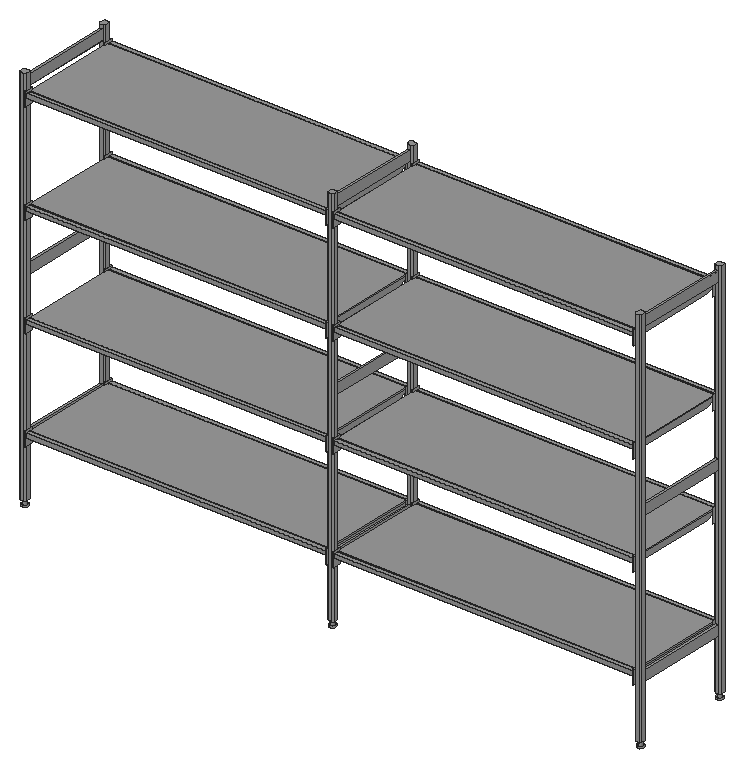
Revit family "QF_ELECTROLUXPROFESSIONAL_137048_BLS2760", category Attrezzature speciali, Revit 2020
Family settings
  Quota connettore circolare = Usa diametro
  Tipo di parte = Normale
  Basato su piano di lavoro = No
  Sempre verticale = Sì
  Taglio con vuoti quando caricato = No
  Condiviso = No
  Punto di calcolo locali = No
Parameters (values of type "Standard")
  Weight = 44.00 kg
  Watts = 0 W
  Volts = 0 V
  URL Manufacturer = "https://www.electroluxprofessional.com/"
  URL = "https://www.electroluxprofessional.com/"
  Steam Supply Size = 0 mm
  Steam Supply Minimum Pressure = 0.0 Pa
  Steam Supply Maximum Pressure = 0.0 Pa
  Steam Consumption per Hour = 0
  Refrigeration Suction Line Size = 0.0 mm
  Refrigeration Liquid Line Size = 0.0 mm
  Refrigerant Compressor Remote = yes
  Prospetto di default = 0.0 mm
  Phase = 0
  Modello = "BLS2760"
  Produttore = "Electrolux Professional"
  Length Actual = 2760.0 mm  # constant formula
  Item Number = "137048"
  Hot Water Size = 0 mm
  Height Actual = 1700.0 mm  # constant formula
  HP = "0 HP"
  Gas Size = 0 mm
  Gas KW = 0
  Gas Input Pressure = 0 W
  Direct Waste Size = 0 mm
  Descrizione = "ALUM.LINEAR SHELV.-POLY.TIERS-475X2760MM"
  Depth Actual = 475.0 mm  # constant formula
  Cycle = 0 Hz
  Condensate Return Size = 0 mm
  Compressed Air Volume = 0.0 L/s
  Compressed Air Size = 0 mm
  Compressed Air Pressure = 0.0 Pa
  Cold Water Size = 0 mm
  Accessory = yes
Reference planes
  plane 1: z = 0
  plane 2 "CenterLeft": x = -31
  plane 3 "LEFT": x = -417
  plane 4 "BACK": y = 23
  plane 5 "FRONT": y = -452
  plane 6 "TOP": z = 1700
  plane 7: x = -385
  plane 8: x = 945
  plane 9 "Center (Front/Back)": y = -214.5
  plane 10: y = -8.5
  plane 11: y = -420.5
  plane 12 "FEET": z = 25
  plane 13: z = 275
  plane 14: z = 725
  plane 15: z = 1175
  plane 16: z = 1625
  plane 17 "CXLeft": x = -403
  plane 18 "Center (Left/Right)": x = 963
  plane 19: y = 5.5
  plane 20 "CYBack": y = 5.5
  plane 21 "CYFront": y = -434.5
  plane 22 "RIGHT": x = 2343
  plane 23: x = 2311
  plane 24 "CXRight": x = 2329
  plane 25: x = 981
Forms (mm)
  Extrusion 1, solid, material "QF_Aluminum"
    sketch origin (-417, 0, -4.006) x (0, 1, 0) y (0, 0, 1)
      loop
        line (-12, 1637.003) -> (4, 1637.003) -> (4, 1655) -> (2.007, 1655) -> (2.007, 1648.501) -> (-431, 1648.501) -> (-431, 1655) -> (-433, 1655) -> (-433, 1637.003) -> (-417, 1637.003) -> (-383, 1625) -> (-46, 1625) -> (-12, 1637.003)
      loop
        line (-12, 1187.003) -> (4, 1187.003) -> (4, 1205) -> (2.007, 1205) -> (2.007, 1198.501) -> (-431, 1198.501) -> (-431, 1205) -> (-433, 1205) -> (-433, 1187.003) -> (-417, 1187.003) -> (-383, 1175) -> (-46, 1175) -> (-12, 1187.003)
      loop
        line (-12, 737.003) -> (4, 737.003) -> (4, 755) -> (2.007, 755) -> (2.007, 748.501) -> (-431, 748.501) -> (-431, 755) -> (-433, 755) -> (-433, 737.003) -> (-417, 737.003) -> (-383, 725) -> (-46, 725) -> (-12, 737.003)
      loop
        line (-12, 287.003) -> (4, 287.003) -> (4, 305) -> (2.007, 305) -> (2.007, 298.501) -> (-431, 298.501) -> (-431, 305) -> (-433, 305) -> (-433, 287.003) -> (-417, 287.003) -> (-383, 275) -> (-46, 275) -> (-12, 287.003)
    from 37 to 32
  Extrusion 2, solid, material "QF_Aluminum"
    sketch origin (-417, 0, 0) x (0, 1, 0) y (0, 0, 1)
      loop
        line (23, 246.005) -> (23, 307.993) -> (-12.993, 307.993) -> (-12.993, 246.005) -> (23, 246.005)
      loop
        line (-452, 246.005) -> (-416.007, 246.005) -> (-416.007, 307.993) -> (-452, 307.993) -> (-452, 246.005)
      loop
        line (23, 696.005) -> (23, 757.993) -> (-12.993, 757.993) -> (-12.993, 696.005) -> (23, 696.005)
      loop
        line (-452, 696.005) -> (-416.007, 696.005) -> (-416.007, 757.993) -> (-452, 757.993) -> (-452, 696.005)
      loop
        line (23, 1146.005) -> (23, 1207.993) -> (-12.993, 1207.993) -> (-12.993, 1146.005) -> (23, 1146.005)
      loop
        line (-452, 1146.005) -> (-416.007, 1146.005) -> (-416.007, 1207.993) -> (-452, 1207.993) -> (-452, 1146.005)
      loop
        line (23, 1596.005) -> (23, 1657.993) -> (-12.993, 1657.993) -> (-12.993, 1596.005) -> (23, 1596.005)
      loop
        line (-452, 1596.005) -> (-416.007, 1596.005) -> (-416.007, 1657.993) -> (-452, 1657.993) -> (-452, 1596.005)
    from 28 to 32
  Extrusion 3, solid, material "QF_Aluminum"
    sketch origin (-417, 0, 0) x (0, 1, 0) y (0, 0, 1)
      loop
        line (4, 1650.994) -> (4, 1632.998) -> (23, 1632.998) -> (23, 1650.994) -> (4, 1650.994)
      loop
        line (-433, 1650.994) -> (-452, 1650.994) -> (-452, 1632.998) -> (-433, 1632.998) -> (-433, 1650.994)
      loop
        line (4, 1200.994) -> (4, 1182.998) -> (23, 1182.998) -> (23, 1200.994) -> (4, 1200.994)
      loop
        line (-433, 1200.994) -> (-452, 1200.994) -> (-452, 1182.998) -> (-433, 1182.998) -> (-433, 1200.994)
      loop
        line (4, 750.994) -> (4, 732.998) -> (23, 732.998) -> (23, 750.994) -> (4, 750.994)
      loop
        line (-433, 750.994) -> (-452, 750.994) -> (-452, 732.998) -> (-433, 732.998) -> (-433, 750.994)
      loop
        line (4, 300.994) -> (4, 282.998) -> (23, 282.998) -> (23, 300.994) -> (4, 300.994)
      loop
        line (-433, 300.994) -> (-452, 300.994) -> (-452, 282.998) -> (-433, 282.998) -> (-433, 300.994)
    from 32 to 1362
  Extrusion 4, solid, material "QF_Polyethylene"
    sketch origin (-417, 0, 0) x (0, 1, 0) y (0, 0, 1)
      loop
        line (2.007, 1650.994) -> (-431, 1650.994) -> (-431, 1644.496) -> (2.007, 1644.496) -> (2.007, 1650.994)
      loop
        line (2.007, 1200.994) -> (-431, 1200.994) -> (-431, 1194.496) -> (2.007, 1194.496) -> (2.007, 1200.994)
      loop
        line (2.007, 750.994) -> (-431, 750.994) -> (-431, 744.496) -> (2.007, 744.496) -> (2.007, 750.994)
      loop
        line (2.007, 300.994) -> (-431, 300.994) -> (-431, 294.496) -> (2.007, 294.496) -> (2.007, 300.994)
    from 32 to 1362
  Extrusion 5, solid, material "QF_Aluminum"
    sketch origin (2343, 0, 0) x (0, 1, 0) y (0, 0, 1)
      loop
        line (4, 1650.994) -> (4, 1632.998) -> (23, 1632.998) -> (23, 1650.994) -> (4, 1650.994)
      loop
        line (-433, 1650.994) -> (-452, 1650.994) -> (-452, 1632.998) -> (-433, 1632.998) -> (-433, 1650.994)
      loop
        line (4, 1200.994) -> (4, 1182.998) -> (23, 1182.998) -> (23, 1200.994) -> (4, 1200.994)
      loop
        line (-433, 1200.994) -> (-452, 1200.994) -> (-452, 1182.998) -> (-433, 1182.998) -> (-433, 1200.994)
      loop
        line (4, 750.994) -> (4, 732.998) -> (23, 732.998) -> (23, 750.994) -> (4, 750.994)
      loop
        line (-433, 750.994) -> (-452, 750.994) -> (-452, 732.998) -> (-433, 732.998) -> (-433, 750.994)
      loop
        line (4, 300.994) -> (4, 282.998) -> (23, 282.998) -> (23, 300.994) -> (4, 300.994)
      loop
        line (-433, 300.994) -> (-452, 300.994) -> (-452, 282.998) -> (-433, 282.998) -> (-433, 300.994)
    from -32 to -1362
  Extrusion 6, solid, material "QF_Polyethylene"
    sketch origin (2343, 0, 0) x (0, 1, 0) y (0, 0, 1)
      loop
        line (2.007, 1650.994) -> (-431, 1650.994) -> (-431, 1644.496) -> (2.007, 1644.496) -> (2.007, 1650.994)
      loop
        line (2.007, 1200.994) -> (-431, 1200.994) -> (-431, 1194.496) -> (2.007, 1194.496) -> (2.007, 1200.994)
      loop
        line (2.007, 750.994) -> (-431, 750.994) -> (-431, 744.496) -> (2.007, 744.496) -> (2.007, 750.994)
      loop
        line (2.007, 300.994) -> (-431, 300.994) -> (-431, 294.496) -> (2.007, 294.496) -> (2.007, 300.994)
    from -32 to -1362
Lines and regions (mm)
  symbolic lines
    curve 1: line (945, 4, 1700) -> (-385, 4, 1700)
    curve 2: line (-408, -8.5, 1700) -> (-408, -420.5, 1700)
    curve 3: line (-398, -420.5, 1700) -> (-398, -8.5, 1700)
    curve 4: line (-389, 23, 1700) -> (949, 23, 1700)
    curve 5: line (-385, -452, 1700) -> (945, -452, 1700)
    curve 6: line (977, 23, 1700) -> (2315, 23, 1700)
    curve 7: line (977, -452, 1700) -> (2315, -452, 1700)
    curve 8: line (-385, -433, 1700) -> (945, -433, 1700)
    curve 9: line (981, -433, 1700) -> (2311, -433, 1700)
    curve 10: line (981, 4, 1700) -> (2311, 4, 1700)
    curve 11: line (2311, -12.993, 1700) -> (2311, -416.007, 1700)
    curve 12: line (945, -12.993, 1700) -> (945, -416.007, 1700)
    curve 13: line (981, -416.007, 1700) -> (981, -12.993, 1700)
    curve 14: line (-385, -12.993, 1700) -> (-385, -416.007, 1700)
Dimensions and locks
  plane 3 "LEFT" to plane 2 "CenterLeft" = 386.0 mm
  locked: plane 6 "TOP" to level at 1700
  locked: plane 4 "BACK" to plane 5 "FRONT" at 475
  locked: plane 7 to plane 8 at 1330
  locked: plane 10 to plane 11 at 412
  equal spacing: plane 10, plane 9 "Center (Front/Back)", plane 11
  equal spacing: plane 4 "BACK", plane 9 "Center (Front/Back)", plane 5 "FRONT"
  plane 12 "FEET" to level = 25.0 mm
  plane 6 "TOP" to plane 12 "FEET" = 1675.0 mm
  plane 13 to plane 12 "FEET" = 250.0 mm
  plane 14 to plane 13 = 450.0 mm
  plane 15 to plane 14 = 450.0 mm
  plane 16 to plane 15 = 450.0 mm
  locked: plane 4 "BACK" to plane 20 "CYBack" at 17.5
  locked: plane 21 "CYFront" to plane 5 "FRONT" at 17.5
  locked: plane 4 "BACK" to Extrusion 1 at 19
  locked: Extrusion 1 to plane 5 "FRONT" at 19
  Extrusion 1 sketch curve to plane 21 "CYFront" = 3.5 mm
  plane 3 "LEFT" to plane 22 "RIGHT" = 2760.0 mm
  locked: plane 25 to plane 23 at 1330
  locked: plane 8 to plane 18 "Center (Left/Right)" at 18
  locked: plane 18 "Center (Left/Right)" to plane 25 at 18
  locked: plane 3 "LEFT" to plane 7 at 32
  locked: plane 24 "CXRight" to plane 22 "RIGHT" at 14
  aligned and locked: level to plane 1
  aligned and locked: plane 7 to Extrusion 1
  aligned and locked: Extrusion 2 to plane 7
  aligned and locked: plane 7 to Extrusion 4
  aligned and locked: Extrusion 4 to plane 8
  aligned and locked: plane 7 to Extrusion 3
  aligned and locked: Extrusion 3 to plane 8
  aligned and locked: Extrusion 3 sketch curve to Extrusion 1
  aligned and locked: Extrusion 1 to Extrusion 3 sketch curve
  aligned and locked: Extrusion 3 sketch curve to Extrusion 3 sketch curve  (x2)
  aligned and locked: Extrusion 1 sketch curve to Extrusion 1 sketch curve  (x3)
  aligned and locked: Extrusion 4 sketch curve to Extrusion 1  (x4)
  aligned and locked: Extrusion 5 sketch curve to Extrusion 5 sketch curve  (x2)
  aligned and locked: Extrusion 5 to plane 25
  aligned and locked: Extrusion 6 to plane 25
  aligned and locked: nested 3 to plane 18 "Center (Left/Right)"
  aligned and locked: nested 1 to plane 17 "CXLeft"
  aligned and locked: Extrusion 3 to plane 7  (x3)
  aligned and locked: plane 8 to Extrusion 3  (x4)
  aligned and locked: plane 25 to Extrusion 5  (x4)
  aligned and locked: plane 25 to Extrusion 6  (x4)
  aligned and locked: plane 8 to Extrusion 4  (x4)
  aligned and locked: nested 2 to plane 24 "CXRight"
  aligned and locked: Extrusion 5 to plane 23
  aligned and locked: Extrusion 6 to plane 23
  aligned and locked: plane 23 to Extrusion 5  (x3)
  aligned and locked: plane 23 to Extrusion 6  (x3)
Automatic sketch dimensions
  plane 21 "CYFront" to Extrusion 1 sketch curve = 1.5 mm  (x4)
  plane 11 to Extrusion 1 sketch curve = 3.5 mm  (x4)
  Extrusion 1 sketch curve to plane 13 = 4.006 mm
  Extrusion 1 sketch curve to Extrusion 1 sketch curve = 34.0 mm  (x4)
  Extrusion 1 sketch curve to plane 14 = 4.006 mm
  Extrusion 1 sketch curve to plane 15 = 4.006 mm
  Extrusion 1 sketch curve to plane 16 = 4.006 mm
  Extrusion 1 sketch curve to plane 10 = 37.5 mm  (x4)
  Extrusion 1 sketch curve to plane 10 = 3.5 mm  (x4)
  plane 19 to Extrusion 1 sketch curve = 3.493 mm  (x4)
  plane 19 to Extrusion 1 sketch curve = 1.5 mm  (x4)
  plane 13 to Extrusion 1 sketch curve = 7.998 mm  (x2)
  Extrusion 1 sketch curve to Extrusion 1 sketch curve = 11.498 mm  (x4)
  Extrusion 1 sketch curve to Extrusion 1 sketch curve = 6.499 mm  (x8)
  plane 14 to Extrusion 1 sketch curve = 7.998 mm  (x2)
  plane 15 to Extrusion 1 sketch curve = 7.998 mm  (x2)
  plane 16 to Extrusion 1 sketch curve = 7.998 mm  (x2)
  Extrusion 2 sketch curve to plane 5 "FRONT" = 0.0 mm  (x4)
  Extrusion 2 sketch curve to plane 4 "BACK" = 0.0 mm  (x4)
  plane 11 to Extrusion 2 sketch curve = 4.493 mm  (x4)
  Extrusion 2 sketch curve to plane 10 = 4.493 mm  (x4)
  Extrusion 2 sketch curve to plane 13 = 28.995 mm  (x2)
  plane 13 to Extrusion 2 sketch curve = 32.993 mm  (x2)
  Extrusion 2 sketch curve to plane 14 = 28.995 mm  (x2)
  plane 14 to Extrusion 2 sketch curve = 32.993 mm  (x2)
  Extrusion 2 sketch curve to plane 15 = 28.995 mm  (x2)
  plane 15 to Extrusion 2 sketch curve = 32.993 mm  (x2)
  Extrusion 2 sketch curve to plane 16 = 28.995 mm  (x2)
  plane 16 to Extrusion 2 sketch curve = 32.993 mm  (x2)
  Extrusion 3 sketch curve to plane 5 "FRONT" = 0.0 mm  (x4)
  Extrusion 3 sketch curve to plane 4 "BACK" = 0.0 mm  (x4)
  plane 19 to Extrusion 3 sketch curve = 1.5 mm  (x4)
  plane 13 to Extrusion 3 sketch curve = 7.998 mm  (x2)
  Extrusion 3 sketch curve to Extrusion 3 sketch curve = 17.997 mm  (x8)
  plane 14 to Extrusion 3 sketch curve = 7.998 mm  (x2)
  plane 15 to Extrusion 3 sketch curve = 7.998 mm  (x2)
  plane 16 to Extrusion 3 sketch curve = 7.998 mm  (x2)
  plane 19 to Extrusion 4 sketch curve = 3.493 mm  (x4)
  plane 13 to Extrusion 4 sketch curve = 19.496 mm
  Extrusion 4 sketch curve to Extrusion 4 sketch curve = 6.499 mm  (x4)
  plane 14 to Extrusion 4 sketch curve = 19.496 mm
  plane 15 to Extrusion 4 sketch curve = 19.496 mm
  plane 16 to Extrusion 4 sketch curve = 19.496 mm
  Extrusion 5 sketch curve to plane 5 "FRONT" = 0.0 mm  (x4)
  Extrusion 5 sketch curve to plane 4 "BACK" = 0.0 mm  (x4)
  plane 21 "CYFront" to Extrusion 5 sketch curve = 1.5 mm  (x2)
  plane 19 to Extrusion 5 sketch curve = 1.5 mm  (x4)
  plane 13 to Extrusion 5 sketch curve = 7.998 mm  (x2)
  Extrusion 5 sketch curve to Extrusion 5 sketch curve = 17.997 mm  (x8)
  plane 14 to Extrusion 5 sketch curve = 7.998 mm  (x2)
  plane 15 to Extrusion 5 sketch curve = 7.998 mm  (x2)
  plane 16 to Extrusion 5 sketch curve = 7.998 mm  (x2)
  plane 21 "CYFront" to Extrusion 6 sketch curve = 3.5 mm  (x4)
  plane 19 to Extrusion 6 sketch curve = 3.493 mm  (x4)
  plane 13 to Extrusion 6 sketch curve = 19.496 mm
  Extrusion 6 sketch curve to Extrusion 6 sketch curve = 6.499 mm  (x4)
  plane 14 to Extrusion 6 sketch curve = 19.496 mm
  plane 15 to Extrusion 6 sketch curve = 19.496 mm
  plane 16 to Extrusion 6 sketch curve = 19.496 mm
  curve 7 to plane 5 "FRONT" = 0.0 mm
  curve 5 to plane 5 "FRONT" = 0.0 mm
  curve 8 to plane 8 = 0.0 mm
  curve 9 to plane 25 = 0.0 mm
  curve 9 to plane 23 = 0.0 mm
  curve 8 to plane 7 = 0.0 mm
  curve 2 to plane 11 = 0.0 mm
  curve 3 to plane 11 = 0.0 mm
  curve 14 to plane 7 = 0.0 mm
  curve 13 to plane 25 = 0.0 mm
  curve 12 to plane 8 = 0.0 mm
  curve 11 to plane 23 = 0.0 mm
  curve 3 to plane 10 = 0.0 mm
  curve 2 to plane 10 = 0.0 mm
  curve 1 to plane 8 = 0.0 mm
  curve 1 to plane 7 = 0.0 mm
  curve 10 to plane 23 = 0.0 mm
  curve 10 to plane 25 = 0.0 mm
  curve 4 to plane 4 "BACK" = 0.0 mm
  curve 6 to plane 4 "BACK" = 0.0 mm
  curve 5 to plane 8 = 0.0 mm
  curve 5 to plane 7 = 0.0 mm
  plane 21 "CYFront" to curve 8 = 1.5 mm
  plane 21 "CYFront" to curve 9 = 1.5 mm
  plane 11 to curve 14 = 4.493 mm
  plane 11 to curve 13 = 4.493 mm
  plane 11 to curve 12 = 4.493 mm
  plane 11 to curve 11 = 4.493 mm
  curve 14 to plane 10 = 4.493 mm
  curve 13 to plane 10 = 4.493 mm
  curve 12 to plane 10 = 4.493 mm
  curve 11 to plane 10 = 4.493 mm
  plane 19 to curve 1 = 1.5 mm
  plane 19 to curve 10 = 1.5 mm
  curve 6 to plane 23 = 4.0 mm
  curve 7 to plane 23 = 4.0 mm
  curve 6 to plane 25 = 4.0 mm
  curve 7 to plane 25 = 4.0 mm
  curve 4 to plane 8 = 4.0 mm
  plane 7 to curve 4 = 4.0 mm
  plane 17 "CXLeft" to curve 3 = 5.0 mm
  curve 2 to plane 17 "CXLeft" = 5.0 mm
Nested families
  nested 1: "WT_Anta475" at (0, 0, 0), type "WT_Anta475"
  nested 2: "WT_Anta475" at (1926, 0, 0) x (-1, 0, 0) z (0, 0, 1), type "WT_Anta475"
  nested 3: "WT_Anta475Center" at (1366, 0, 0), type "WT_Anta475Center"
Definition of nested family "WT_Anta475"
  Parameters
    WidthLeft = A + 64.0 mm  # 772.0 mm
    Width = 1606.0 mm
    Right = WidthLeft / 2  # 386.0 mm
    Default Elevation = 0.0 mm
    Left = -WidthLeft / 2  # -386.0 mm
    Height = 1725.0 mm
    FEET = 25.0 mm
    E = 0.0 mm
    Dint = Depth - 63.0 mm  # 412.0 mm
    Dext = Depth - 8.0 mm  # 467.0 mm
    Depth = 475.0 mm
    DX = (WidthLeft - A) / 2  # 32.0 mm
    B = 798.0 mm
    A = 708.0 mm
  Reference planes
    plane 1: z = 0
    plane 2 "LEFT": x = -417
    plane 3 "BACK": y = 23
    plane 4 "FRONT": y = -452
    plane 5 "TOP": z = 1725
    plane 6 "Center (Front/Back)": y = -214.5
    plane 7: y = -8.5
    plane 8: y = -420.5
    plane 9 "FEET": z = 25
    plane 10: z = 275
    plane 11: z = 725
    plane 12: z = 1175
    plane 13: z = 1625
    plane 14 "CXLeft": x = -403
    plane 15: y = 5.5
    plane 16 "CYBack": y = 5.5
    plane 17 "CYFront": y = -434.5
    plane 18: x = -385.031
    plane 19: x = -380.031
  Forms (mm)
    Extrusion 1, solid
      sketch origin (0, 0, 0) x (1, 0, 0) y (0, 1, 0)
        loop
          line (-417, 13.246) -> (-417, -2.246) -> (-410.746, -8.5) -> (-395.254, -8.5) -> (-389, -2.246) -> (-389, 13.246) -> (-395.254, 19.5) -> (-410.746, 19.5) -> (-417, 13.246)
      from 1725 to 25
    Extrusion 2, solid
      sketch origin (-417, 0, 0) x (0, 1, 0) y (0, 0, 1)
        loop
          line (23, 246.005) -> (23, 307.993) -> (-12.993, 307.993) -> (-12.993, 246.005) -> (23, 246.005)
        loop
          line (-452, 246.005) -> (-416.007, 246.005) -> (-416.007, 307.993) -> (-452, 307.993) -> (-452, 246.005)
        loop
          line (23, 696.005) -> (23, 757.993) -> (-12.993, 757.993) -> (-12.993, 696.005) -> (23, 696.005)
        loop
          line (-452, 696.005) -> (-416.007, 696.005) -> (-416.007, 757.993) -> (-452, 757.993) -> (-452, 696.005)
        loop
          line (23, 1146.005) -> (23, 1207.993) -> (-12.993, 1207.993) -> (-12.993, 1146.005) -> (23, 1146.005)
        loop
          line (-452, 1146.005) -> (-416.007, 1146.005) -> (-416.007, 1207.993) -> (-452, 1207.993) -> (-452, 1146.005)
        loop
          line (23, 1596.005) -> (23, 1657.993) -> (-12.993, 1657.993) -> (-12.993, 1596.005) -> (23, 1596.005)
        loop
          line (-452, 1596.005) -> (-416.007, 1596.005) -> (-416.007, 1657.993) -> (-452, 1657.993) -> (-452, 1596.005)
      from 28 to 32
    Revolve 3, solid
      sketch origin (-403, 0, 0) x (0, 1, 0) y (0, 0, 1)
        loop
          line (5.5, 25) -> (5.5, 0) -> (19, 0) -> (19, 5) -> (14, 5) -> (14, 25) -> (5.5, 25)
        axis (5.5, 25) -> (5.5, 0)
      angle from 0 to 360
    Extrusion 4, solid
      sketch origin (-403, 0, 0) x (0, 1, 0) y (0, 0, 1)
        loop
          line (-8.5, 912.382) -> (-8.5, 957.374) -> (-420.5, 957.374) -> (-420.5, 912.382) -> (-8.5, 912.382)
        loop
          line (-8.5, 1662.244) -> (-8.5, 1707.236) -> (-420.5, 1707.236) -> (-420.5, 1662.244) -> (-8.5, 1662.244)
      from -5 to 5
    Revolve 5, solid
      sketch origin (-403, -627, 0) x (0, -1, 0) y (0, 0, 1)
        loop
          line (-192.5, 25) -> (-192.5, 0) -> (-179, 0) -> (-179, 5) -> (-184, 5) -> (-184, 25) -> (-192.5, 25)
        axis (-192.5, 25) -> (-192.5, 0)
      angle from 0 to 360
    Extrusion 6, solid
      sketch origin (0, -627, 0) x (1, 0, 0) y (0, 1, 0)
        loop
          line (-417, 184.754) -> (-410.746, 178.5) -> (-395.254, 178.5) -> (-389, 184.754) -> (-389, 200.246) -> (-395.254, 206.5) -> (-410.746, 206.5) -> (-417, 200.246) -> (-417, 184.754)
      from 1725 to 25
    Extrusion 7, solid
      sketch origin (-417.031, -0.022, 0) x (0, 1, 0) y (0, 0, -1)
        loop
          line (-12, -1632.998) -> (-46, -1620.994) -> (-383, -1620.994) -> (-417, -1632.998) -> (-433, -1632.998) -> (-433, -1650.994) -> (-431, -1650.994) -> (-431, -1644.496) -> (2.007, -1644.496) -> (2.007, -1650.994) -> (4, -1650.994) -> (4, -1632.998) -> (-12, -1632.998)
        loop
          line (-12, -1182.998) -> (-46, -1170.994) -> (-383, -1170.994) -> (-417, -1182.998) -> (-433, -1182.998) -> (-433, -1200.994) -> (-431, -1200.994) -> (-431, -1194.496) -> (2.007, -1194.496) -> (2.007, -1200.994) -> (4, -1200.994) -> (4, -1182.998) -> (-12, -1182.998)
        loop
          line (-12, -732.998) -> (-46, -720.994) -> (-383, -720.994) -> (-417, -732.998) -> (-433, -732.998) -> (-433, -750.994) -> (-431, -750.994) -> (-431, -744.496) -> (2.007, -744.496) -> (2.007, -750.994) -> (4, -750.994) -> (4, -732.998) -> (-12, -732.998)
        loop
          line (-12, -282.998) -> (-46, -270.994) -> (-383, -270.994) -> (-417, -282.998) -> (-433, -282.998) -> (-433, -300.994) -> (-431, -300.994) -> (-431, -294.496) -> (2.007, -294.496) -> (2.007, -300.994) -> (4, -300.994) -> (4, -282.998) -> (-12, -282.998)
      from -32 to -37
    Extrusion 8, solid
      sketch origin (-403, 0, -659.878) x (0, 1, 0) y (0, 0, 1)
        loop
          line (-8.5, 912.382) -> (-8.5, 957.374) -> (-420.5, 957.374) -> (-420.5, 912.382) -> (-8.5, 912.382)
        loop
          line (-8.5, 1572.382) -> (-8.5, 1617.374) -> (-420.5, 1617.374) -> (-420.5, 1572.382) -> (-8.5, 1572.382)
        loop
          line (-8.5, 2322.382) -> (-8.5, 2367.374) -> (-420.5, 2367.374) -> (-420.5, 2322.382) -> (-8.5, 2322.382)
      from -5 to 5
  Lines and regions (mm)
    symbolic lines
      curve 1: line (-408, -8.5, 1725) -> (-408, -420.5, 1725)
      curve 2: line (-398, -420.5, 1725) -> (-398, -8.5, 1725)
      curve 3: line (-395.254, -8.5, 1725) -> (-410.746, -8.5, 1725)
      curve 4: line (-417, -2.246, 1725) -> (-410.746, -8.5, 1725)
      curve 5: line (-417, 13.246, 1725) -> (-417, -2.246, 1725)
      curve 6: line (-410.746, 19.5, 1725) -> (-417, 13.246, 1725)
      curve 7: line (-395.254, 19.5, 1725) -> (-410.746, 19.5, 1725)
      curve 8: line (-389, 13.246, 1725) -> (-395.254, 19.5, 1725)
      curve 9: line (-395.254, -8.5, 1725) -> (-389, -2.246, 1725)
      curve 10: line (-395.254, -420.5, 1725) -> (-410.746, -420.5, 1725)
      curve 11: line (-417, -426.754, 1725) -> (-410.746, -420.5, 1725)
      curve 12: line (-410.746, -448.5, 1725) -> (-417, -442.246, 1725)
      curve 13: line (-395.254, -448.5, 1725) -> (-410.746, -448.5, 1725)
      curve 14: line (-389, -442.246, 1725) -> (-395.254, -448.5, 1725)
      curve 15: line (-395.254, -420.5, 1725) -> (-389, -426.754, 1725)
      curve 16: line (-389, -452, 1725) -> (-389, -416.007, 1725)
      curve 17: line (-389, -416.007, 1725) -> (-385, -416.007, 1725)
      curve 18: line (-389, 23, 1725) -> (-389, -12.993, 1725)
      curve 19: line (-389, -12.993, 1725) -> (-385, -12.993, 1725)
      curve 20: line (-417, -426.754, 1725) -> (-417, -442.246, 1725)
      curve 21: line (-385, -452, 1725) -> (-385, -416.007, 1725)
      curve 22: line (-385, -452, 1725) -> (-389, -452, 1725)
      curve 23: line (-385, 23, 1725) -> (-389, 23, 1725)
      curve 24: line (-385, -12.993, 1725) -> (-385, 23, 1725)
      curve 25: line (-385.031, -13.016, 1725) -> (-385.031, -416.029, 1725)
  Dimensions and locks
    "Height": plane 5 "TOP" to level
    "Depth": plane 3 "BACK" to plane 4 "FRONT"
    "Dint": plane 7 to plane 8
    equal spacing: plane 7, plane 6 "Center (Front/Back)", plane 8
    equal spacing: plane 3 "BACK", plane 6 "Center (Front/Back)", plane 4 "FRONT"
    plane 9 "FEET" to level = 25.0 mm
    plane 5 "TOP" to plane 9 "FEET" = 1700.0 mm
    plane 10 to plane 9 "FEET" = 250.0 mm
    plane 11 to plane 10 = 450.0 mm
    plane 12 to plane 11 = 450.0 mm
    plane 13 to plane 12 = 450.0 mm
    locked: plane 2 "LEFT" to plane 14 "CXLeft" at 14
    locked: plane 3 "BACK" to plane 16 "CYBack" at 17.5
    locked: plane 17 "CYFront" to plane 4 "FRONT" at 17.5
    locked: Revolve 3 sketch curve to Revolve 3 sketch curve at 8.5
    locked: Revolve 3 sketch curve to plane 16 "CYBack" at 13.5
    locked: Revolve 5 sketch curve to Revolve 5 sketch curve at 8.5
    aligned and locked: level to plane 1
    aligned and locked: curve 20 to Extrusion 6
    aligned and locked: plane 5 "TOP" to Extrusion 1
    aligned and locked: plane 5 "TOP" to Extrusion 6
    aligned and locked: Extrusion 7 sketch curve to Extrusion 7 sketch curve  (x3)
  Automatic sketch dimensions
    curve 16 to plane 4 "FRONT" = 0.0 mm
    curve 11 to plane 8 = 0.0 mm
    curve 9 to plane 7 = 0.0 mm
    curve 5 to plane 2 "LEFT" = 0.0 mm
    curve 23 to plane 3 "BACK" = 0.0 mm
    plane 4 "FRONT" to curve 13 = 3.5 mm
    curve 20 to plane 17 "CYFront" = 7.746 mm
    curve 20 to plane 8 = 6.254 mm
    plane 8 to curve 16 = 4.493 mm
    curve 24 to plane 18 = 0.031 mm
    curve 24 to plane 7 = 4.493 mm
    plane 7 to curve 5 = 6.254 mm
    curve 5 to plane 15 = 7.746 mm
    curve 6 to plane 3 "BACK" = 3.5 mm
    curve 21 to plane 18 = 0.031 mm
    plane 18 to curve 23 = 3.969 mm
    plane 18 to curve 16 = 3.969 mm
    curve 18 to curve 8 = 6.254 mm
    curve 18 to curve 3 = 6.254 mm
    curve 16 to curve 13 = 6.254 mm
    curve 16 to curve 15 = 6.254 mm
    plane 2 "LEFT" to curve 10 = 6.254 mm
    plane 2 "LEFT" to curve 7 = 6.254 mm
    plane 2 "LEFT" to curve 12 = 6.254 mm
    plane 2 "LEFT" to curve 3 = 6.254 mm
    curve 14 to plane 17 "CYFront" = 7.746 mm
    curve 15 to plane 8 = 6.254 mm
    plane 7 to curve 9 = 6.254 mm
    curve 8 to plane 15 = 7.746 mm
    curve 3 to curve 2 = 2.746 mm
    curve 1 to curve 10 = 2.746 mm
    Extrusion 1 sketch curve to plane 2 "LEFT" = 0.0 mm
    Extrusion 1 sketch curve to plane 7 = 0.0 mm
    plane 2 "LEFT" to Extrusion 1 sketch curve = 6.254 mm  (x2)
    plane 14 "CXLeft" to Extrusion 1 sketch curve = 7.746 mm  (x2)
    Extrusion 1 sketch curve to plane 3 "BACK" = 3.5 mm
    plane 18 to Extrusion 1 sketch curve = 3.969 mm
    plane 7 to Extrusion 1 sketch curve = 6.254 mm  (x2)
    Extrusion 1 sketch curve to plane 15 = 7.746 mm  (x2)
    Extrusion 2 sketch curve to plane 4 "FRONT" = 0.0 mm  (x4)
    Extrusion 2 sketch curve to plane 3 "BACK" = 0.0 mm  (x4)
    plane 8 to Extrusion 2 sketch curve = 4.493 mm  (x4)
    Extrusion 2 sketch curve to plane 7 = 4.493 mm  (x4)
    Extrusion 2 sketch curve to plane 10 = 28.995 mm  (x2)
    plane 10 to Extrusion 2 sketch curve = 32.993 mm  (x2)
    Extrusion 2 sketch curve to plane 11 = 28.995 mm  (x2)
    plane 11 to Extrusion 2 sketch curve = 32.993 mm  (x2)
    Extrusion 2 sketch curve to plane 12 = 28.995 mm  (x2)
    plane 12 to Extrusion 2 sketch curve = 32.993 mm  (x2)
    Extrusion 2 sketch curve to plane 13 = 28.995 mm  (x2)
    plane 13 to Extrusion 2 sketch curve = 32.993 mm  (x2)
    Revolve 3 sketch curve to plane 9 "FEET" = 0.0 mm  (x2)
    Revolve 3 sketch curve to plane 15 = 0.0 mm  (x2)
    Revolve 3 sketch curve to level = 0.0 mm
    level to Revolve 3 sketch curve = 5.0 mm
    Revolve 3 sketch curve to Revolve 3 sketch curve = 11.655 mm
    Extrusion 4 sketch curve to plane 8 = 0.0 mm  (x2)
    Extrusion 4 sketch curve to plane 7 = 0.0 mm  (x2)
    plane 11 to Extrusion 4 sketch curve = 187.382 mm
    Extrusion 4 sketch curve to Extrusion 4 sketch curve = 44.992 mm
    plane 13 to Extrusion 4 sketch curve = 37.244 mm
    Extrusion 4 sketch curve to plane 5 "TOP" = 17.764 mm
    Revolve 5 sketch curve to plane 9 "FEET" = 0.0 mm  (x2)
    Revolve 5 sketch curve to plane 17 "CYFront" = 0.0 mm  (x2)
    Revolve 5 sketch curve to level = 0.0 mm
    Revolve 5 sketch curve to plane 4 "FRONT" = 4.0 mm
    Revolve 5 sketch curve to Revolve 5 sketch curve = 5.0 mm
    level to Revolve 5 sketch curve = 11.655 mm
    Extrusion 6 sketch curve to plane 2 "LEFT" = 0.0 mm
    Extrusion 6 sketch curve to plane 8 = 0.0 mm
    Extrusion 6 sketch curve to plane 2 "LEFT" = 6.254 mm  (x2)
    Extrusion 6 sketch curve to plane 14 "CXLeft" = 7.746 mm  (x2)
    Extrusion 6 sketch curve to plane 4 "FRONT" = 3.5 mm
    Extrusion 6 sketch curve to plane 18 = 3.969 mm
    plane 8 to Extrusion 6 sketch curve = 6.254 mm  (x2)
    plane 17 "CYFront" to Extrusion 6 sketch curve = 7.746 mm  (x2)
    plane 17 "CYFront" to Extrusion 7 sketch curve = 1.478 mm  (x4)
    Extrusion 7 sketch curve to Extrusion 7 sketch curve = 2.0 mm
    plane 8 to Extrusion 7 sketch curve = 3.478 mm  (x4)
    Extrusion 7 sketch curve to plane 10 = 4.006 mm
    Extrusion 7 sketch curve to Extrusion 7 sketch curve = 34.0 mm  (x4)
    Extrusion 7 sketch curve to plane 11 = 4.006 mm
    Extrusion 7 sketch curve to plane 12 = 4.006 mm
    Extrusion 7 sketch curve to plane 13 = 4.006 mm
    Extrusion 7 sketch curve to plane 7 = 37.522 mm  (x4)
    Extrusion 7 sketch curve to plane 7 = 3.522 mm  (x4)
    plane 15 to Extrusion 7 sketch curve = 3.516 mm  (x4)
    plane 15 to Extrusion 7 sketch curve = 1.522 mm  (x4)
    plane 13 to Extrusion 7 sketch curve = 7.998 mm  (x2)
    Extrusion 7 sketch curve to Extrusion 7 sketch curve = 11.498 mm
    Extrusion 7 sketch curve to Extrusion 7 sketch curve = 6.499 mm  (x5)
    plane 12 to Extrusion 7 sketch curve = 25.994 mm  (x2)
    plane 12 to Extrusion 7 sketch curve = 7.998 mm  (x2)
    plane 11 to Extrusion 7 sketch curve = 25.994 mm  (x2)
    plane 11 to Extrusion 7 sketch curve = 7.998 mm  (x2)
    plane 10 to Extrusion 7 sketch curve = 25.994 mm  (x2)
    plane 10 to Extrusion 7 sketch curve = 7.998 mm  (x2)
    curve 25 to plane 18 = 0.0 mm
    plane 8 to curve 25 = 4.471 mm
    curve 25 to plane 7 = 4.516 mm
    Extrusion 8 sketch curve to plane 8 = 0.0 mm  (x3)
    Extrusion 8 sketch curve to plane 7 = 0.0 mm  (x3)
    Extrusion 8 sketch curve to plane 10 = 22.496 mm
    plane 10 to Extrusion 8 sketch curve = 22.496 mm
    plane 11 to Extrusion 8 sketch curve = 187.504 mm
    Extrusion 8 sketch curve to Extrusion 8 sketch curve = 44.992 mm
    plane 13 to Extrusion 8 sketch curve = 37.504 mm
    Extrusion 8 sketch curve to plane 5 "TOP" = 17.504 mm
Definition of nested family "WT_Anta475Center"
  Parameters
    WidthLeft = A + 64.0 mm  # 772.0 mm
    Width = 1606.0 mm
    Right = WidthLeft / 2  # 386.0 mm
    Default Elevation = 0.0 mm
    Left = -WidthLeft / 2  # -386.0 mm
    Height = 1725.0 mm
    FEET = 25.0 mm
    E = 0.0 mm
    Dint = Depth - 63.0 mm  # 412.0 mm
    Dext = Depth - 8.0 mm  # 467.0 mm
    Depth = 475.0 mm
    DX = (WidthLeft - A) / 2  # 32.0 mm
    B = 798.0 mm
    A = 708.0 mm
  Reference planes
    plane 1: z = 0
    plane 2 "L": x = -417
    plane 3 "BACK": y = 23
    plane 4 "FRONT": y = -452
    plane 5 "TOP": z = 1725
    plane 6 "Center (Front/Back)": y = -214.5
    plane 7: y = -8.5
    plane 8: y = -420.5
    plane 9 "FEET": z = 25
    plane 10: z = 275
    plane 11: z = 725
    plane 12: z = 1175
    plane 13: z = 1625
    plane 14 "CXLeft": x = -403
    plane 15: y = 5.5
    plane 16 "CYBack": y = 5.5
    plane 17 "CYFront": y = -434.5
    plane 18: x = -385.031
    plane 19 "RIGHT": x = -380.031
    plane 20: x = -420.969
    plane 21 "LEFT": x = -425.969
  Forms (mm)
    Extrusion 1, solid
      sketch origin (0, 0, 0) x (1, 0, 0) y (0, 1, 0)
        loop
          line (-417, 13.246) -> (-417, -2.246) -> (-410.746, -8.5) -> (-395.254, -8.5) -> (-389, -2.246) -> (-389, 13.246) -> (-395.254, 19.5) -> (-410.746, 19.5) -> (-417, 13.246)
      from 1725 to 25
    Extrusion 2, solid
      sketch origin (-417, 0, 0) x (0, 1, 0) y (0, 0, 1)
        loop
          line (23, 246.005) -> (23, 307.993) -> (-12.993, 307.993) -> (-12.993, 246.005) -> (23, 246.005)
        loop
          line (-452, 246.005) -> (-416.007, 246.005) -> (-416.007, 307.993) -> (-452, 307.993) -> (-452, 246.005)
        loop
          line (23, 696.005) -> (23, 757.993) -> (-12.993, 757.993) -> (-12.993, 696.005) -> (23, 696.005)
        loop
          line (-452, 696.005) -> (-416.007, 696.005) -> (-416.007, 757.993) -> (-452, 757.993) -> (-452, 696.005)
        loop
          line (23, 1146.005) -> (23, 1207.993) -> (-12.993, 1207.993) -> (-12.993, 1146.005) -> (23, 1146.005)
        loop
          line (-452, 1146.005) -> (-416.007, 1146.005) -> (-416.007, 1207.993) -> (-452, 1207.993) -> (-452, 1146.005)
        loop
          line (23, 1596.005) -> (23, 1657.993) -> (-12.993, 1657.993) -> (-12.993, 1596.005) -> (23, 1596.005)
        loop
          line (-452, 1596.005) -> (-416.007, 1596.005) -> (-416.007, 1657.993) -> (-452, 1657.993) -> (-452, 1596.005)
      from 28 to 32
    Revolve 3, solid
      sketch origin (-403, 0, 0) x (0, 1, 0) y (0, 0, 1)
        loop
          line (5.5, 25) -> (5.5, 0) -> (19, 0) -> (19, 5) -> (14, 5) -> (14, 25) -> (5.5, 25)
        axis (5.5, 25) -> (5.5, 0)
      angle from 0 to 360
    Extrusion 4, solid
      sketch origin (-403, 0, 0) x (0, 1, 0) y (0, 0, 1)
        loop
          line (-8.5, 912.382) -> (-8.5, 957.374) -> (-420.5, 957.374) -> (-420.5, 912.382) -> (-8.5, 912.382)
        loop
          line (-8.5, 1662.244) -> (-8.5, 1707.236) -> (-420.5, 1707.236) -> (-420.5, 1662.244) -> (-8.5, 1662.244)
      from -5 to 5
    Revolve 5, solid
      sketch origin (-403, -627, 0) x (0, -1, 0) y (0, 0, 1)
        loop
          line (-192.5, 25) -> (-192.5, 0) -> (-179, 0) -> (-179, 5) -> (-184, 5) -> (-184, 25) -> (-192.5, 25)
        axis (-192.5, 25) -> (-192.5, 0)
      angle from 0 to 360
    Extrusion 6, solid
      sketch origin (0, -627, 0) x (1, 0, 0) y (0, 1, 0)
        loop
          line (-417, 184.754) -> (-410.746, 178.5) -> (-395.254, 178.5) -> (-389, 184.754) -> (-389, 200.246) -> (-395.254, 206.5) -> (-410.746, 206.5) -> (-417, 200.246) -> (-417, 184.754)
      from 1725 to 25
    Extrusion 7, solid
      sketch origin (-417.031, -0.022, 0) x (0, 1, 0) y (0, 0, -1)
        loop
          line (-12, -1632.998) -> (-46, -1620.994) -> (-383, -1620.994) -> (-417, -1632.998) -> (-433, -1632.998) -> (-433, -1650.994) -> (-431, -1650.994) -> (-431, -1644.496) -> (2.007, -1644.496) -> (2.007, -1650.994) -> (4, -1650.994) -> (4, -1632.998) -> (-12, -1632.998)
        loop
          line (-12, -1182.998) -> (-46, -1170.994) -> (-383, -1170.994) -> (-417, -1182.998) -> (-433, -1182.998) -> (-433, -1200.994) -> (-431, -1200.994) -> (-431, -1194.496) -> (2.007, -1194.496) -> (2.007, -1200.994) -> (4, -1200.994) -> (4, -1182.998) -> (-12, -1182.998)
        loop
          line (-12, -732.998) -> (-46, -720.994) -> (-383, -720.994) -> (-417, -732.998) -> (-433, -732.998) -> (-433, -750.994) -> (-431, -750.994) -> (-431, -744.496) -> (2.007, -744.496) -> (2.007, -750.994) -> (4, -750.994) -> (4, -732.998) -> (-12, -732.998)
        loop
          line (-12, -282.998) -> (-46, -270.994) -> (-383, -270.994) -> (-417, -282.998) -> (-433, -282.998) -> (-433, -300.994) -> (-431, -300.994) -> (-431, -294.496) -> (2.007, -294.496) -> (2.007, -300.994) -> (4, -300.994) -> (4, -282.998) -> (-12, -282.998)
      from -32 to -37
    Extrusion 8, solid
      sketch origin (-403, 0, -659.878) x (0, 1, 0) y (0, 0, 1)
        loop
          line (-8.5, 912.382) -> (-8.5, 957.374) -> (-420.5, 957.374) -> (-420.5, 912.382) -> (-8.5, 912.382)
        loop
          line (-8.5, 1572.382) -> (-8.5, 1617.374) -> (-420.5, 1617.374) -> (-420.5, 1572.382) -> (-8.5, 1572.382)
        loop
          line (-8.5, 2322.382) -> (-8.5, 2367.374) -> (-420.5, 2367.374) -> (-420.5, 2322.382) -> (-8.5, 2322.382)
      from -5 to 5
    Extrusion 9, solid
      sketch origin (-389, 0, 0) x (0, 1, 0) y (0, 0, -1)
        loop
          line (23, -246.005) -> (-12.993, -246.005) -> (-12.993, -307.993) -> (23, -307.993) -> (23, -246.005)
        loop
          line (-452, -246.005) -> (-452, -307.993) -> (-416.007, -307.993) -> (-416.007, -246.005) -> (-452, -246.005)
        loop
          line (23, -696.005) -> (-12.993, -696.005) -> (-12.993, -757.993) -> (23, -757.993) -> (23, -696.005)
        loop
          line (-452, -696.005) -> (-452, -757.993) -> (-416.007, -757.993) -> (-416.007, -696.005) -> (-452, -696.005)
        loop
          line (23, -1146.005) -> (-12.993, -1146.005) -> (-12.993, -1207.993) -> (23, -1207.993) -> (23, -1146.005)
        loop
          line (-452, -1146.005) -> (-452, -1207.993) -> (-416.007, -1207.993) -> (-416.007, -1146.005) -> (-452, -1146.005)
        loop
          line (23, -1596.005) -> (-12.993, -1596.005) -> (-12.993, -1657.993) -> (23, -1657.993) -> (23, -1596.005)
        loop
          line (-452, -1596.005) -> (-452, -1657.993) -> (-416.007, -1657.993) -> (-416.007, -1596.005) -> (-452, -1596.005)
      from 28 to 32
    Extrusion 10, solid
      sketch origin (-388.969, -0.022, 0) x (0, 1, 0) y (0, 0, 1)
        loop
          line (-12, 1632.998) -> (4, 1632.998) -> (4, 1650.994) -> (2.007, 1650.994) -> (2.007, 1644.496) -> (-431, 1644.496) -> (-431, 1650.994) -> (-433, 1650.994) -> (-433, 1632.998) -> (-417, 1632.998) -> (-383, 1620.994) -> (-46, 1620.994) -> (-12, 1632.998)
        loop
          line (-12, 1182.998) -> (4, 1182.998) -> (4, 1200.994) -> (2.007, 1200.994) -> (2.007, 1194.496) -> (-431, 1194.496) -> (-431, 1200.994) -> (-433, 1200.994) -> (-433, 1182.998) -> (-417, 1182.998) -> (-383, 1170.994) -> (-46, 1170.994) -> (-12, 1182.998)
        loop
          line (-12, 732.998) -> (4, 732.998) -> (4, 750.994) -> (2.007, 750.994) -> (2.007, 744.496) -> (-431, 744.496) -> (-431, 750.994) -> (-433, 750.994) -> (-433, 732.998) -> (-417, 732.998) -> (-383, 720.994) -> (-46, 720.994) -> (-12, 732.998)
        loop
          line (-12, 282.998) -> (4, 282.998) -> (4, 300.994) -> (2.007, 300.994) -> (2.007, 294.496) -> (-431, 294.496) -> (-431, 300.994) -> (-433, 300.994) -> (-433, 282.998) -> (-417, 282.998) -> (-383, 270.994) -> (-46, 270.994) -> (-12, 282.998)
      from -32 to -37
  Lines and regions (mm)
    symbolic lines
      curve 1: line (-408, -8.5, 1725) -> (-408, -420.5, 1725)
      curve 2: line (-398, -420.5, 1725) -> (-398, -8.5, 1725)
      curve 3: line (-395.254, -8.5, 1725) -> (-410.746, -8.5, 1725)
      curve 4: line (-417, -2.246, 1725) -> (-410.746, -8.5, 1725)
      curve 5: line (-410.746, 19.5, 1725) -> (-417, 13.246, 1725)
      curve 6: line (-395.254, 19.5, 1725) -> (-410.746, 19.5, 1725)
      curve 7: line (-389, 13.246, 1725) -> (-395.254, 19.5, 1725)
      curve 8: line (-395.254, -8.5, 1725) -> (-389, -2.246, 1725)
      curve 9: line (-395.254, -420.5, 1725) -> (-410.746, -420.5, 1725)
      curve 10: line (-417, -426.754, 1725) -> (-410.746, -420.5, 1725)
      curve 11: line (-410.746, -448.5, 1725) -> (-417, -442.246, 1725)
      curve 12: line (-395.254, -448.5, 1725) -> (-410.746, -448.5, 1725)
      curve 13: line (-389, -442.246, 1725) -> (-395.254, -448.5, 1725)
      curve 14: line (-395.254, -420.5, 1725) -> (-389, -426.754, 1725)
      curve 15: line (-389, -452, 1725) -> (-389, -416.007, 1725)
      curve 16: line (-389, -416.007, 1725) -> (-385, -416.007, 1725)
      curve 17: line (-389, 23, 1725) -> (-389, -12.993, 1725)
      curve 18: line (-389, -12.993, 1725) -> (-385, -12.993, 1725)
      curve 19: line (-385, -452, 1725) -> (-385, -416.007, 1725)
      curve 20: line (-385, -452, 1725) -> (-389, -452, 1725)
      curve 21: line (-385, 23, 1725) -> (-389, 23, 1725)
      curve 22: line (-385, -12.993, 1725) -> (-385, 23, 1725)
      curve 23: line (-385.031, -13.016, 1725) -> (-385.031, -416.029, 1725)
      curve 24: line (-417, -452, 1725) -> (-417, -416.007, 1725)
      curve 25: line (-417, -416.007, 1725) -> (-421, -416.007, 1725)
      curve 26: line (-417, 23, 1725) -> (-417, -12.993, 1725)
      curve 27: line (-417, -12.993, 1725) -> (-421, -12.993, 1725)
      curve 28: line (-421, -452, 1725) -> (-421, -416.007, 1725)
      curve 29: line (-421, -452, 1725) -> (-417, -452, 1725)
      curve 30: line (-421, 23, 1725) -> (-417, 23, 1725)
      curve 31: line (-421, -12.993, 1725) -> (-421, 23, 1725)
      curve 32: line (-420.969, -13.016, 1725) -> (-420.969, -416.029, 1725)
  Dimensions and locks
    "Height": plane 5 "TOP" to level
    "Depth": plane 3 "BACK" to plane 4 "FRONT"
    "Dint": plane 7 to plane 8
    equal spacing: plane 7, plane 6 "Center (Front/Back)", plane 8
    equal spacing: plane 3 "BACK", plane 6 "Center (Front/Back)", plane 4 "FRONT"
    plane 9 "FEET" to level = 25.0 mm
    plane 5 "TOP" to plane 9 "FEET" = 1700.0 mm
    plane 10 to plane 9 "FEET" = 250.0 mm
    plane 11 to plane 10 = 450.0 mm
    plane 12 to plane 11 = 450.0 mm
    plane 13 to plane 12 = 450.0 mm
    locked: plane 3 "BACK" to plane 16 "CYBack" at 17.5
    locked: plane 17 "CYFront" to plane 4 "FRONT" at 17.5
    locked: Revolve 3 sketch curve to Revolve 3 sketch curve at 8.5
    locked: Revolve 3 sketch curve to plane 16 "CYBack" at 13.5
    locked: Revolve 5 sketch curve to Revolve 5 sketch curve at 8.5
    aligned and locked: level to plane 1
    aligned and locked: plane 5 "TOP" to Extrusion 1
    aligned and locked: plane 5 "TOP" to Extrusion 6
    aligned and locked: Extrusion 7 sketch curve to Extrusion 7 sketch curve  (x3)
    aligned and locked: Extrusion 10 sketch curve to Extrusion 10 sketch curve  (x3)
  Automatic sketch dimensions
    curve 15 to plane 4 "FRONT" = 0.0 mm
    curve 28 to plane 4 "FRONT" = 0.0 mm
    curve 9 to plane 8 = 0.0 mm
    curve 25 to plane 2 "L" = 0.0 mm
    curve 8 to plane 7 = 0.0 mm
    curve 17 to plane 3 "BACK" = 0.0 mm
    curve 30 to plane 3 "BACK" = 0.0 mm
    plane 4 "FRONT" to curve 11 = 3.5 mm
    curve 19 to plane 18 = 0.031 mm
    plane 8 to curve 19 = 4.493 mm
    plane 8 to curve 25 = 4.493 mm
    curve 27 to plane 20 = 0.031 mm
    curve 27 to plane 7 = 4.493 mm
    curve 17 to plane 7 = 4.493 mm
    curve 5 to plane 15 = 7.746 mm
    curve 7 to plane 3 "BACK" = 3.5 mm
    curve 18 to plane 18 = 0.031 mm
    plane 18 to curve 21 = 3.969 mm
    plane 18 to curve 20 = 3.969 mm
    curve 15 to curve 9 = 6.254 mm
    curve 17 to curve 7 = 6.254 mm
    curve 17 to curve 3 = 6.254 mm
    curve 15 to curve 12 = 6.254 mm
    plane 2 "L" to curve 12 = 6.254 mm
    plane 2 "L" to curve 4 = 6.254 mm
    plane 2 "L" to curve 10 = 6.254 mm
    plane 2 "L" to curve 5 = 6.254 mm
    curve 28 to plane 20 = 0.031 mm
    curve 13 to plane 17 "CYFront" = 7.746 mm
    curve 14 to plane 8 = 6.254 mm
    plane 7 to curve 8 = 6.254 mm
    curve 7 to plane 15 = 7.746 mm
    curve 9 to curve 2 = 2.746 mm
    curve 1 to curve 9 = 2.746 mm
    Extrusion 1 sketch curve to plane 2 "L" = 0.0 mm
    Extrusion 1 sketch curve to plane 7 = 0.0 mm
    plane 2 "L" to Extrusion 1 sketch curve = 6.254 mm  (x2)
    plane 14 "CXLeft" to Extrusion 1 sketch curve = 7.746 mm  (x2)
    Extrusion 1 sketch curve to plane 3 "BACK" = 3.5 mm
    plane 18 to Extrusion 1 sketch curve = 3.969 mm
    plane 7 to Extrusion 1 sketch curve = 6.254 mm  (x2)
    Extrusion 1 sketch curve to plane 15 = 7.746 mm  (x2)
    Extrusion 2 sketch curve to plane 4 "FRONT" = 0.0 mm  (x4)
    Extrusion 2 sketch curve to plane 3 "BACK" = 0.0 mm  (x4)
    plane 8 to Extrusion 2 sketch curve = 4.493 mm  (x4)
    Extrusion 2 sketch curve to plane 7 = 4.493 mm  (x4)
    Extrusion 2 sketch curve to plane 10 = 28.995 mm  (x2)
    plane 10 to Extrusion 2 sketch curve = 32.993 mm  (x2)
    Extrusion 2 sketch curve to plane 11 = 28.995 mm  (x2)
    plane 11 to Extrusion 2 sketch curve = 32.993 mm  (x2)
    Extrusion 2 sketch curve to plane 12 = 28.995 mm  (x2)
    plane 12 to Extrusion 2 sketch curve = 32.993 mm  (x2)
    Extrusion 2 sketch curve to plane 13 = 28.995 mm  (x2)
    plane 13 to Extrusion 2 sketch curve = 32.993 mm  (x2)
    Revolve 3 sketch curve to plane 9 "FEET" = 0.0 mm  (x2)
    Revolve 3 sketch curve to plane 15 = 0.0 mm  (x2)
    Revolve 3 sketch curve to level = 0.0 mm
    level to Revolve 3 sketch curve = 5.0 mm
    Revolve 3 sketch curve to Revolve 3 sketch curve = 11.655 mm
    Extrusion 4 sketch curve to plane 8 = 0.0 mm  (x2)
    Extrusion 4 sketch curve to plane 7 = 0.0 mm  (x2)
    plane 11 to Extrusion 4 sketch curve = 187.382 mm
    Extrusion 4 sketch curve to Extrusion 4 sketch curve = 44.992 mm
    plane 13 to Extrusion 4 sketch curve = 37.244 mm
    Extrusion 4 sketch curve to plane 5 "TOP" = 17.764 mm
    Revolve 5 sketch curve to plane 9 "FEET" = 0.0 mm  (x2)
    Revolve 5 sketch curve to plane 17 "CYFront" = 0.0 mm  (x2)
    Revolve 5 sketch curve to level = 0.0 mm
    Revolve 5 sketch curve to plane 4 "FRONT" = 4.0 mm
    Revolve 5 sketch curve to Revolve 5 sketch curve = 5.0 mm
    level to Revolve 5 sketch curve = 11.655 mm
    Extrusion 6 sketch curve to plane 2 "L" = 0.0 mm
    Extrusion 6 sketch curve to plane 8 = 0.0 mm
    Extrusion 6 sketch curve to plane 2 "L" = 6.254 mm  (x2)
    Extrusion 6 sketch curve to plane 14 "CXLeft" = 7.746 mm  (x2)
    Extrusion 6 sketch curve to plane 4 "FRONT" = 3.5 mm
    Extrusion 6 sketch curve to plane 18 = 3.969 mm
    plane 8 to Extrusion 6 sketch curve = 6.254 mm  (x2)
    plane 17 "CYFront" to Extrusion 6 sketch curve = 7.746 mm  (x2)
    plane 17 "CYFront" to Extrusion 7 sketch curve = 1.478 mm  (x4)
    Extrusion 7 sketch curve to Extrusion 7 sketch curve = 2.0 mm
    plane 8 to Extrusion 7 sketch curve = 3.478 mm  (x4)
    Extrusion 7 sketch curve to plane 10 = 4.006 mm
    Extrusion 7 sketch curve to Extrusion 7 sketch curve = 34.0 mm  (x4)
    Extrusion 7 sketch curve to plane 11 = 4.006 mm
    Extrusion 7 sketch curve to plane 12 = 4.006 mm
    Extrusion 7 sketch curve to plane 13 = 4.006 mm
    Extrusion 7 sketch curve to plane 7 = 37.522 mm  (x4)
    Extrusion 7 sketch curve to plane 7 = 3.522 mm  (x4)
    plane 15 to Extrusion 7 sketch curve = 3.516 mm  (x4)
    plane 15 to Extrusion 7 sketch curve = 1.522 mm  (x4)
    plane 13 to Extrusion 7 sketch curve = 7.998 mm  (x2)
    Extrusion 7 sketch curve to Extrusion 7 sketch curve = 11.498 mm
    Extrusion 7 sketch curve to Extrusion 7 sketch curve = 6.499 mm  (x5)
    plane 12 to Extrusion 7 sketch curve = 25.994 mm  (x2)
    plane 12 to Extrusion 7 sketch curve = 7.998 mm  (x2)
    plane 11 to Extrusion 7 sketch curve = 25.994 mm  (x2)
    plane 11 to Extrusion 7 sketch curve = 7.998 mm  (x2)
    plane 10 to Extrusion 7 sketch curve = 25.994 mm  (x2)
    plane 10 to Extrusion 7 sketch curve = 7.998 mm  (x2)
    curve 23 to plane 18 = 0.0 mm
    curve 32 to plane 20 = 0.0 mm
    plane 8 to curve 23 = 4.471 mm
    plane 8 to curve 32 = 4.471 mm
    curve 32 to plane 7 = 4.516 mm
    curve 23 to plane 7 = 4.516 mm
    Extrusion 8 sketch curve to plane 8 = 0.0 mm  (x3)
    Extrusion 8 sketch curve to plane 7 = 0.0 mm  (x3)
    Extrusion 8 sketch curve to plane 10 = 22.496 mm
    plane 10 to Extrusion 8 sketch curve = 22.496 mm
    plane 11 to Extrusion 8 sketch curve = 187.504 mm
    Extrusion 8 sketch curve to Extrusion 8 sketch curve = 44.992 mm
    plane 13 to Extrusion 8 sketch curve = 37.504 mm
    Extrusion 8 sketch curve to plane 5 "TOP" = 17.504 mm
    Extrusion 9 sketch curve to plane 4 "FRONT" = 0.0 mm  (x4)
    Extrusion 9 sketch curve to plane 3 "BACK" = 0.0 mm  (x4)
    plane 8 to Extrusion 9 sketch curve = 4.493 mm  (x4)
    Extrusion 9 sketch curve to plane 7 = 4.493 mm  (x4)
    plane 13 to Extrusion 9 sketch curve = 32.993 mm  (x2)
    Extrusion 9 sketch curve to plane 13 = 28.995 mm  (x2)
    plane 12 to Extrusion 9 sketch curve = 32.993 mm  (x2)
    Extrusion 9 sketch curve to plane 12 = 28.995 mm  (x2)
    plane 11 to Extrusion 9 sketch curve = 32.993 mm  (x2)
    Extrusion 9 sketch curve to plane 11 = 28.995 mm  (x2)
    plane 10 to Extrusion 9 sketch curve = 32.993 mm  (x2)
    Extrusion 9 sketch curve to plane 10 = 28.995 mm  (x2)
    plane 17 "CYFront" to Extrusion 10 sketch curve = 1.478 mm  (x4)
    Extrusion 10 sketch curve to Extrusion 10 sketch curve = 2.0 mm
    plane 8 to Extrusion 10 sketch curve = 3.478 mm  (x4)
    Extrusion 10 sketch curve to plane 10 = 4.006 mm
    Extrusion 10 sketch curve to Extrusion 10 sketch curve = 34.0 mm  (x4)
    Extrusion 10 sketch curve to plane 11 = 4.006 mm
    Extrusion 10 sketch curve to plane 12 = 4.006 mm
    Extrusion 10 sketch curve to plane 13 = 4.006 mm
    Extrusion 10 sketch curve to plane 7 = 37.522 mm  (x4)
    Extrusion 10 sketch curve to plane 7 = 3.522 mm  (x4)
    plane 15 to Extrusion 10 sketch curve = 3.516 mm  (x4)
    plane 15 to Extrusion 10 sketch curve = 1.522 mm  (x4)
    plane 10 to Extrusion 10 sketch curve = 7.998 mm  (x2)
    Extrusion 10 sketch curve to Extrusion 10 sketch curve = 11.498 mm  (x4)
    Extrusion 10 sketch curve to Extrusion 10 sketch curve = 6.499 mm  (x8)
    plane 11 to Extrusion 10 sketch curve = 7.998 mm  (x2)
    plane 12 to Extrusion 10 sketch curve = 7.998 mm  (x2)
    plane 13 to Extrusion 10 sketch curve = 7.998 mm  (x2)
    curve 4 to plane 2 "L" = 0.0 mm
    plane 7 to curve 4 = 6.254 mm
    curve 11 to plane 17 "CYFront" = 7.746 mm
    curve 10 to plane 8 = 6.254 mm
